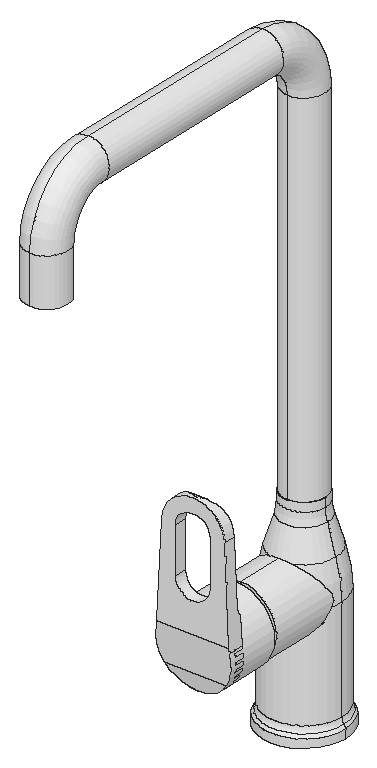
Revit family "KR5035551_Grifería para Lavaplatos Monocontrol Koral Niquel", category Plumbing Fixtures, host Face, Revit 2019
Family settings
  Host = Face
  Round Connector Dimension = Use Diameter
  Part Type = Normal
  OmniClass Number = 23.31.11.00
  OmniClass Title = Faucets
  Cut with Voids When Loaded = No
  Shared = No
  Room Calculation Point = No
Parameters
  URL = "https://corona.co/productos/griferias/griferia-para-lavaplatos-monocontrol-koral/p/KR5035551"
  Temperatura de uso = "4ºC a 60ºC"  # constant formula
  Profundidad = 221 mm
  Presion minima = "20 psi (138 Kpa)"  # constant formula
  Presion maxima = "125 psi (862 Kpa)"  # constant formula
  Peso Neto aprox = "988 gr. - 2,17 lb"  # constant formula
  Material = Corona_Niquel
  Garantía = "30 años"  # constant formula
  Fecha de creación = "09/10/2020"  # constant formula
  Fabricante = "Corona"  # constant formula
  Dimensiones generales producto (H * W * D) = "988 gr. - 2,17 lb"  # constant formula
  Default Elevation = 1219.2 mm
  Creado por = "IDD"  # constant formula
  Capacidad de flujo = "60 psi: 7,28 L/min"  # constant formula
  Ancho = 48 mm
  Alto = 370 mm
Reference planes
  plane 1 "Center (Front/Back)": y = 0
  plane 2: z = 0
  plane 3 "Center (Left/Right)": x = 0
  plane 4: z = 370
  plane 5: x = -569.784
  plane 6: x = 185
  plane 7: z = 358
  plane 8: y = -185
  plane 9: x = 21.833
  plane 10: x = -21.833
  plane 11: y = 24
  plane 12: y = -197
Forms (mm)
  Revolve 1, solid, material "Corona_Niquel" <- "Material", detail levels medium+fine
    sketch origin (0, 0, 0) x (1, 0, 0) y (0, 0, 1)
      loop
        line (0, 120) -> (-12.301, 120) -> (-12.301, 115.083)
        arc (-12.301, 115.083) -> (-12.575, 111.388) -> (-13.393, 107.774) r 25
        line (-13.393, 107.774) -> (-18.413, 91.354)
        arc (-18.413, 91.354) -> (-20.866, 80.512) -> (-21.69, 69.426) r 75
        line (-21.69, 69.426) -> (-21.69, 10.5)
        arc (-21.69, 10.5) -> (-21.962, 8.628) -> (-22.755, 6.911) r 6.576
        line (-22.755, 6.911) -> (-24, 5) -> (-24, 0) -> (0, 0) -> (0, 120)
      axis (0, 0) -> (0, 120)
    angle from 0 to 360
  Sweep 2, solid, material "Corona_Niquel" <- "Material", detail levels medium+fine
    path origin (0, 0, 0) x (0, -1, 0) y (0, 0, 1)
      loop
        line (0, 120) -> (0, 328)
        arc (0, 328) -> (8.787, 349.213) -> (30, 358) r 30
        line (30, 358) -> (155, 358)
        arc (155, 358) -> (176.213, 349.213) -> (185, 328) r 30
        line (185, 328) -> (185, 300.67)
    profile origin (0, 0, 224) x (0, 1, 0) y (-1, 0, 0)
      loop
        circle (0, 0) r 12
  Revolve 3, solid, material "Corona_Niquel" <- "Material", detail levels medium+fine
    sketch origin (0, 0, 0) x (0, 1, 0) y (0, 0, 1)
      loop
        line (-76.437, 71.689) -> (-76.437, 49.857) -> (-48.931, 49.857) -> (-48.931, 54.677) -> (-45.876, 54.677) -> (-45.876, 50.926) -> (0, 50.926) -> (0, 71.689) -> (-76.437, 71.689)
      axis (0, 71.689) -> (-76.437, 71.689)
    angle from 0 to 360
  Extrusion 4, solid, material "Corona_Niquel" <- "Material", detail levels medium+fine
    sketch origin (0, 0, 0) x (0, 1, 0) y (0, 0, 1)
      loop
        line (-76.437, 49.857) -> (-71.218, 50.778) -> (-71.218, 93.509) -> (-71.844, 94.053)
        arc (-71.844, 94.053) -> (-72.776, 95.3) -> (-73.106, 96.822) r 3.669
        line (-73.106, 96.822) -> (-73.106, 143.988)
        arc (-73.106, 143.988) -> (-74.265, 146.984) -> (-76.038, 149.663) r 14.936
        arc (-76.038, 149.663) -> (-77.022, 150.425) -> (-78.237, 150.697) r 2.857
        line (-78.237, 150.697) -> (-79.91, 150.697) -> (-79.91, 80.183)
        arc (-79.91, 80.183) -> (-79.448, 69.594) -> (-78.064, 59.086) r 121.495
        line (-78.064, 59.086) -> (-76.437, 49.857)
    from -21.833 to 21.833
  Extrusion 5, void, detail levels medium+fine
    sketch origin (0, 0, 0) x (1, 0, 0) y (0, 0, 1)
      loop
        arc (-20.984, 77.713) -> (-17.437, 58.553) -> (0, 49.857) r 21.831
        arc (0, 49.857) -> (17.437, 58.553) -> (20.984, 77.713) r 21.831
        line (20.984, 77.713) -> (18.047, 133.57)
        arc (18.047, 133.57) -> (0, 150.697) -> (-18.056, 133.571) r 18.072
        line (-18.056, 133.571) -> (-20.984, 77.713)
      loop
        line (-25.931, 136.17) -> (-29.362, 70.711)
        arc (-29.362, 70.711) -> (-22.882, 46.3) -> (0, 35.607) r 29.831
        arc (0, 35.607) -> (22.882, 46.3) -> (29.362, 70.711) r 29.831
        line (29.362, 70.711) -> (25.931, 136.17)
        arc (25.931, 136.17) -> (0, 164.947) -> (-25.931, 136.17) r 26.072
    from 48.931 to 98.911
  Extrusion 6, void, detail levels medium+fine
    sketch origin (0, 0, 0) x (1, 0, 0) y (0, 0, 1)
      loop
        line (-10.058, 133.152) -> (-10.058, 106.848)
        arc (-10.058, 106.848) -> (0, 97.303) -> (10.058, 106.848) r 10.072
        line (10.058, 106.848) -> (10.058, 133.152)
        arc (10.058, 133.152) -> (0, 142.697) -> (-10.058, 133.152) r 10.072
    from 45.876 to 118.106
  Extrusion 7, solid, material "Corona_Niquel" <- "Material", detail levels coarse
    sketch origin (0, 0, 0) x (1, 0, 0) y (0, 1, 0)
      loop
        line (-24, 23.983) -> (-24, -197) -> (24, -197) -> (24, 23.983) -> (-24, 23.983)
    from 0 to 370
Cuts and joins
  Extrusion 5, Extrusion 6 cuts Sweep 2
  Extrusion 5 cuts Revolve 3
  Extrusion 5, Extrusion 6 cuts Extrusion 4
  Extrusion 6 cuts Revolve 1
Lines and regions (mm)
  model lines
    curve 1: line (-24, 0, 5) -> (24, 0, 5)
    curve 2: line (24, 0, 0) -> (-24, 0, 0)
Dimensions and locks
  plane 4 to host face = 370 mm
  plane 6 to plane 3 "Center (Left/Right)" = 185 mm
  "Alto": plane 4 to host face
  "Ancho": Extrusion 7 to Extrusion 7
  "Profundidad": plane 12 to plane 11
  aligned and locked: plane 2 to host face
  aligned and locked: level to host face
Automatic sketch dimensions
  curve 2 to level = 0 mm
  curve 2 to plane 10 = 2.167 mm
  curve 1 to plane 10 = 2.167 mm
  curve 2 to plane 9 = 2.167 mm
  curve 1 to plane 9 = 2.167 mm
  curve 2 to curve 1 = 5 mm
  host sketch curve to host sketch curve = 2438.4 mm  (x2)
  Revolve 1 sketch curve to level = 0 mm
  Revolve 1 sketch curve to plane 3 "Center (Left/Right)" = 0 mm  (x2)
  plane 10 to Revolve 1 sketch curve = 9.532 mm
  Revolve 1 sketch curve to Revolve 1 sketch curve = 1.092 mm
  plane 10 to Revolve 1 sketch curve = 3.42 mm
  plane 10 to Revolve 1 sketch curve = 0.143 mm
  Revolve 1 sketch curve to plane 10 = 0.923 mm
  Revolve 1 sketch curve to plane 10 = 2.167 mm
  Revolve 1 sketch curve to plane 10 = 6.433 mm
  Revolve 1 sketch curve to plane 10 = 15.468 mm
  Revolve 1 sketch curve to plane 9 = 31.477 mm
  Revolve 1 sketch curve to Revolve 1 sketch curve = 5 mm  (x2)
  Revolve 1 sketch curve to Revolve 1 sketch curve = 1.911 mm
  Revolve 1 sketch curve to Revolve 1 sketch curve = 58.926 mm
  Revolve 1 sketch curve to Revolve 1 sketch curve = 16.42 mm
  Revolve 1 sketch curve to Revolve 1 sketch curve = 4.917 mm
  Revolve 1 sketch curve to Revolve 1 sketch curve = 0 mm
  Sweep 2 sketch curve to plane 1 "Center (Front/Back)" = 0 mm
  Sweep 2 sketch curve to plane 7 = 0 mm
  Sweep 2 sketch curve to plane 8 = 0 mm
  plane 1 "Center (Front/Back)" to Sweep 2 sketch curve = 30 mm
  Sweep 2 sketch curve to plane 7 = 30 mm
  Sweep 2 sketch curve to Sweep 2 sketch curve = 27.33 mm
  level to Sweep 2 sketch curve = 120 mm
  profile plane to Sweep 2 sketch curve = 0 mm
  Sweep 2 sketch curve to profile plane = 0 mm
  Revolve 3 sketch curve to plane 1 "Center (Front/Back)" = 0 mm
  plane 1 "Center (Front/Back)" to Revolve 3 sketch curve = 45.876 mm
  Revolve 3 sketch curve to Revolve 3 sketch curve = 3.055 mm
  Revolve 3 sketch curve to Revolve 3 sketch curve = 27.506 mm
  level to Revolve 3 sketch curve = 49.857 mm
  Revolve 3 sketch curve to Revolve 3 sketch curve = 1.069 mm
  Revolve 3 sketch curve to Revolve 3 sketch curve = 3.751 mm
  Revolve 3 sketch curve to Revolve 3 sketch curve = 21.831 mm
  Revolve 3 sketch curve to Revolve 3 sketch curve = 6.926 mm
  Revolve 3 sketch curve to Revolve 3 sketch curve = 11.637 mm
  Revolve 3 sketch curve to Revolve 3 sketch curve = 0 mm
  plane 1 "Center (Front/Back)" to Extrusion 4 sketch curve = 87.535 mm
  Extrusion 4 sketch curve to Extrusion 4 sketch curve = 7.625 mm
  Extrusion 4 sketch curve to Extrusion 4 sketch curve = 1.673 mm
  level to Extrusion 4 sketch curve = 59.086 mm
  Extrusion 4 sketch curve to Extrusion 4 sketch curve = 1.846 mm
  Extrusion 4 sketch curve to Extrusion 4 sketch curve = 1.627 mm
  Extrusion 4 sketch curve to Extrusion 4 sketch curve = 5.131 mm
  Extrusion 4 sketch curve to Extrusion 4 sketch curve = 1.262 mm
  Extrusion 4 sketch curve to Extrusion 4 sketch curve = 0.626 mm
  Extrusion 4 sketch curve to Extrusion 4 sketch curve = 3.669 mm
  Extrusion 4 sketch curve to plane 11 = 17.585 mm
  Extrusion 4 sketch curve to Extrusion 4 sketch curve = 8.308 mm
  Extrusion 4 sketch curve to Extrusion 4 sketch curve = 13.326 mm
  Extrusion 4 sketch curve to Extrusion 4 sketch curve = 0.544 mm
  Extrusion 4 sketch curve to Extrusion 4 sketch curve = 43.308 mm
  Extrusion 4 sketch curve to Extrusion 4 sketch curve = 3.858 mm
  Extrusion 4 sketch curve to Extrusion 4 sketch curve = 3.852 mm
  Extrusion 4 sketch curve to Extrusion 4 sketch curve = 2.857 mm
  Extrusion 5 sketch curve to Extrusion 5 sketch curve = 0 mm  (x6)
  Extrusion 5 sketch curve to plane 3 "Center (Left/Right)" = 0 mm  (x4)
  plane 10 to Extrusion 5 sketch curve = 0.849 mm
  Extrusion 5 sketch curve to plane 10 = 4.098 mm
  Extrusion 5 sketch curve to plane 10 = 7.529 mm
  plane 9 to Extrusion 5 sketch curve = 0.849 mm
  Extrusion 5 sketch curve to plane 9 = 4.098 mm
  Extrusion 5 sketch curve to plane 9 = 7.529 mm
  level to Extrusion 5 sketch curve = 65.439 mm
  Extrusion 5 sketch curve to Extrusion 5 sketch curve = 5.273 mm
  Extrusion 5 sketch curve to Extrusion 5 sketch curve = 6.25 mm  (x2)
  Extrusion 5 sketch curve to Extrusion 5 sketch curve = 7.001 mm
  Extrusion 5 sketch curve to Extrusion 5 sketch curve = 54.912 mm
  Extrusion 5 sketch curve to Extrusion 5 sketch curve = 3.545 mm
  plane 10 to Extrusion 5 sketch curve = 3.786 mm
  Extrusion 5 sketch curve to Extrusion 5 sketch curve = 0.009 mm  (x2)
  plane 9 to Extrusion 5 sketch curve = 3.786 mm
  Extrusion 5 sketch curve to Extrusion 5 sketch curve = 2.599 mm
  Extrusion 6 sketch curve to plane 3 "Center (Left/Right)" = 0 mm  (x2)
  Extrusion 6 sketch curve to plane 3 "Center (Left/Right)" = 10.058 mm
  plane 3 "Center (Left/Right)" to Extrusion 6 sketch curve = 10.058 mm
  level to Extrusion 6 sketch curve = 106.848 mm
  Extrusion 6 sketch curve to Extrusion 6 sketch curve = 0.527 mm  (x2)
  Extrusion 6 sketch curve to Extrusion 6 sketch curve = 25.249 mm
  plane 12 to Extrusion 7 sketch curve = 0 mm
  Extrusion 7 sketch curve to plane 10 = 2.167 mm
  Extrusion 7 sketch curve to plane 9 = 2.167 mm
  plane 11 to Extrusion 7 sketch curve = 0.017 mm
  radius of Sweep 2 sketch curve = 12 mm
Nested families
  nested 1: "Family2" at (0, 0, 0) x (0, -1, 0) z (1, 0, 0), type "Family2", detail levels coarse
Connectors
  piping at (0, 0, 0), diameter 15
    settings: on cut or joined group of Revolve 1, Extrusion 6, index 1, connector inside diameter 609.6 mm, connector length 0 mm, flow factor 0, pipe flow 0.0 L/s, pressure drop 0.0 Pa, fitting loss kfactor 0, connector angle 0.00°, fixture units 0, engagement length 0 mm, angle of deflection 0.00°, flow configuration 0, flow direction 0, fitting loss method 0, system type 20, joint type 0, gender type 0, connector reference index -1, connector utility 0, adjustable connector no, is connector primary yes, connector description ""
Definition of nested family "Family2"
  Reference planes
    plane 1 "Center (Front/Back)": y = 0
    plane 2: z = 0
    plane 3 "Center (Left/Right)": x = 0
    plane 4: y = 370
    plane 5: x = 185
    plane 6: y = 346
  Lines and regions (mm)
    detail lines, in view "Ref. Level"
      curve 1: line (0, 0, 0) -> (25, 0, 0)
      curve 2: line (25, 0, 0) -> (25, 6.127, 0)
      curve 3: line (0, 0, 0) -> (-25, 0, 0)
      curve 4: line (-25, 0, 0) -> (-25, 6.127, 0)
      curve 5: line (-25, 6.127, 0) -> (25, 6.127, 0)
      curve 6: line (25, 6.127, 0) -> (21.503, 9.061, 0)
      curve 7: line (21.503, 9.061, 0) -> (21.503, 41.667, 0)
      curve 8: line (31.503, 51.667, 0) -> (45.546, 51.667, 0)
      curve 9: line (45.546, 53.93, 0) -> (54.9, 57.334, 0)
      curve 10: line (54.9, 57.334, 0) -> (58.433, 50.091, 0)
      curve 11: line (58.433, 50.091, 0) -> (76.553, 50.091, 0)
      curve 12: line (76.553, 50.091, 0) -> (79.54, 68.95, 0)
      curve 13: line (79.54, 68.95, 0) -> (79.54, 150.499, 0)
      curve 14: line (79.54, 150.499, 0) -> (78.402, 150.499, 0)
      curve 15: line (76.126, 148.992, 0) -> (75.568, 147.678, 0)
      curve 16: line (73.648, 138.24, 0) -> (73.648, 94.62, 0)
      curve 17: line (73.648, 94.62, 0) -> (48.648, 94.62, 0)
      curve 18: line (48.648, 94.62, 0) -> (48.648, 89.62, 0)
      curve 19: line (48.648, 89.62, 0) -> (45.546, 89.62, 0)
      curve 20: line (45.546, 89.62, 0) -> (45.546, 94.62, 0)
      curve 21: line (45.546, 94.62, 0) -> (32, 94.62, 0)
      curve 22: line (12, 114.62, 0) -> (12, 321, 0)
      curve 23: line (-12, 121.515, 0) -> (-12, 320, 0)
      curve 24: line (37, 346, 0) -> (148, 346, 0)
      curve 25: line (173, 321, 0) -> (173, 301, 0)
      curve 26: line (197, 320, 0) -> (197, 301, 0)
      curve 27: line (173, 301, 0) -> (197, 301, 0)
      curve 28: line (38, 370, 0) -> (147, 370, 0)
      curve 29: line (45.546, 89.62, 0) -> (45.546, 51.667, 0)
      curve 30: line (54.9, 57.334, 0) -> (48.648, 70.153, 0)
      curve 31: line (48.648, 70.153, 0) -> (48.648, 89.62, 0)
      curve 32: line (-25, 6.127, 0) -> (-21.503, 9.061, 0)
      curve 33: line (-21.503, 9.061, 0) -> (-21.503, 74.304, 0)
      curve 34: line (-18.638, 93.389, 0) -> (-13.913, 108.772, 0)
      curve 35: arc (12, 114.62, 0) -> (17.858, 100.478, 0) -> (32, 94.62, 0) r 20
      curve 36: arc (-18.638, 93.389, 0) -> (-20.783, 83.953, 0) -> (-21.503, 74.304, 0) r 65
      curve 37: arc (-13.913, 108.772, 0) -> (-12.481, 115.072, 0) -> (-12, 121.515, 0) r 43.4
      curve 38: arc (21.503, 41.667, 0) -> (24.432, 48.738, 0) -> (31.503, 51.667, 0) r 10
      curve 39: arc (75.568, 147.678, 0) -> (74.133, 143.056, 0) -> (73.648, 138.24, 0) r 24.155
      curve 40: arc (78.402, 150.499, 0) -> (77.037, 150.088, 0) -> (76.126, 148.992, 0) r 2.472
      curve 41: arc (12, 321, 0) -> (19.322, 338.678, 0) -> (37, 346, 0) r 25
      curve 42: arc (-12, 320, 0) -> (2.645, 355.355, 0) -> (38, 370, 0) r 50
      curve 43: arc (148, 346, 0) -> (165.678, 338.678, 0) -> (173, 321, 0) r 25
      curve 44: arc (147, 370, 0) -> (182.355, 355.355, 0) -> (197, 320, 0) r 50
